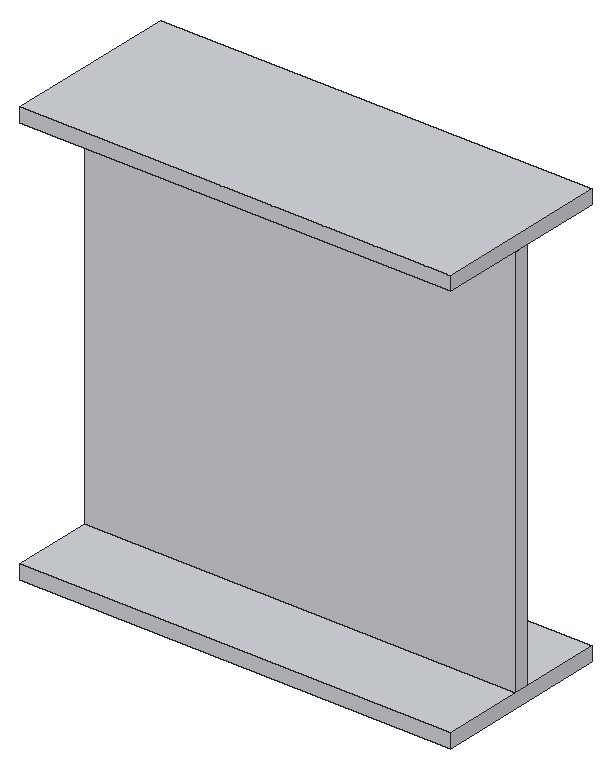
Revit family "StructuralFraming_FabricatedIProfile", category Structural Framing, Revit 2018
Family settings
  Section Shape = I-shape Welded
  Material for Model Behavior = Steel
  Always export as geometry = No
  Always vertical = Yes
  Cut with Voids When Loaded = No
  Symbolic Representation = From Project Settings
  Shared = No
  Show family pre-cut in plan views = Yes
Parameters (values of type "FabricatedIProfile")
  Structural Material [instance] = none
  Assembly Code = ""
  Length [instance] = 1500 mm
Reference planes
  plane 1 "Center (Front/Back)": y = 0
  plane 2: z = 0
  plane 3 "Center (Left/Right)": x = 4.61
  plane 4 "Member Left": x = -604.99
  plane 5 "Member Right": x = 614.21
  plane 6: y = 250
  plane 7: y = -250
  plane 8 "Top": z = 600
  plane 9: z = -600
  plane 10 "Left": x = -757.39
  plane 11 "Right": x = 742.61
  plane 12: y = -250
  plane 13: y = 250
  plane 14: z = 560
  plane 15: z = -560
  plane 16: y = 20
  plane 17: y = -20
Forms (mm)
  Sweep 1, solid, material <- "Structural Material", detail levels medium+fine
    path origin (0, 0, 0) x (1, 0, 0) y (0, 1, 0)
      loop
        line (614.21, 0) -> (-604.99, 0)
    profile origin (4.61, 0, 0) x (0, -1, 0) y (0, 0, 1)
      loop
        line (20, -560) -> (20, 560) -> (-20, 560) -> (-20, -560) -> (20, -560)
  Sweep 2, solid, material <- "Structural Material", detail levels medium+fine
    path origin (0, 0, 0) x (1, 0, 0) y (0, 1, 0)
      loop
        line (-604.99, 0) -> (614.21, 0)
    profile origin (4.61, 0, 0) x (0, 1, 0) y (0, 0, 1)
      loop
        line (250, -560) -> (-250, -560) -> (-250, -600) -> (250, -600) -> (250, -560)
  Sweep 3, solid, material <- "Structural Material", detail levels medium+fine
    path origin (0, 0, 0) x (1, 0, 0) y (0, 1, 0)
      loop
        line (-604.99, 0) -> (614.21, 0)
    profile origin (4.61, 0, 0) x (0, 1, 0) y (0, 0, 1)
      loop
        line (250, 600) -> (-250, 600) -> (-250, 560) -> (250, 560) -> (250, 600)
Lines and regions (mm)
  symbolic lines, style "Hidden Faces", detail levels medium+fine
    curve 1: line (614.21, -20, 0) -> (-604.99, -20, 0)
    curve 2: line (614.21, 20, 0) -> (-604.99, 20, 0)
  symbolic lines, style "Stick Symbols", detail levels coarse
    curve 3: line (4.61, 250, 600) -> (4.61, -250, 600)
    curve 4: line (4.61, -250, -600) -> (4.61, 250, -600)
    curve 5: line (4.61, 0, 600) -> (4.61, 0, -600)
Dimensions and locks
  "built-in parameter 1005532": plane 6 to plane 7
  "Height": plane 9 to plane 8 "Top"
  equal spacing: plane 9, plane 2, plane 8 "Top"
  equal spacing: plane 6, plane 1 "Center (Front/Back)", plane 7
  "Length": plane 10 "Left" to plane 11 "Right"
  plane 14 to plane 8 "Top" = 40 mm
  plane 15 to plane 9 = 40 mm
  equal spacing: plane 12, plane 1 "Center (Front/Back)", plane 13
  plane 12 to plane 13 = 500 mm
  equal spacing: plane 16, plane 1 "Center (Front/Back)", plane 17
  "Web Thickness": plane 16 to plane 17
  equal spacing: plane 13, plane 1 "Center (Front/Back)", plane 12
  "built-in parameter 1005531": plane 14 to plane 8 "Top"
  "built-in parameter 1005533": plane 15 to plane 9
  "built-in parameter 1005534": plane 13 to plane 12
  aligned and locked: Sweep 1 sketch curve to plane 1 "Center (Front/Back)"
  aligned and locked: plane 9 to curve 4
  aligned: Sweep 1 to plane 16
  aligned: Sweep 1 to plane 17
  aligned and locked: plane 13 to curve 4
  aligned and locked: plane 12 to curve 4
  aligned and locked: plane 8 "Top" to curve 3
  aligned and locked: plane 6 to curve 3
  aligned and locked: plane 7 to curve 3
  aligned and locked: plane 17 to Sweep 1 sketch curve
  aligned and locked: plane 15 to Sweep 1 sketch curve
  aligned and locked: plane 16 to Sweep 1 sketch curve
  aligned and locked: curve 5 to plane 1 "Center (Front/Back)"
  aligned and locked: plane 9 to curve 5
  aligned and locked: plane 8 "Top" to curve 5
  aligned and locked: Sweep 1 sketch curve to plane 14
  aligned and locked: curve 2 to Sweep 1
  aligned and locked: curve 1 to Sweep 1
  aligned and locked: plane 1 "Center (Front/Back)" to Sweep 2 sketch curve
  aligned and locked: plane 13 to Sweep 2 sketch curve
  aligned and locked: plane 15 to Sweep 2 sketch curve
  aligned and locked: plane 9 to Sweep 2 sketch curve
  aligned and locked: plane 12 to Sweep 2 sketch curve
  aligned and locked: plane 1 "Center (Front/Back)" to Sweep 3 sketch curve
  aligned and locked: plane 6 to Sweep 3 sketch curve
  aligned and locked: Sweep 3 sketch curve to plane 8 "Top"
  aligned and locked: plane 14 to Sweep 3 sketch curve
  aligned and locked: Sweep 3 sketch curve to plane 7
  aligned and locked: plane 2 to level
  aligned and locked: plane 4 "Member Left" to Sweep 1 sketch curve
  aligned and locked: plane 5 "Member Right" to Sweep 1 sketch curve
  aligned and locked: plane 4 "Member Left" to Sweep 2 sketch curve
  aligned and locked: plane 5 "Member Right" to Sweep 2 sketch curve
  aligned and locked: plane 4 "Member Left" to Sweep 3 sketch curve
  aligned and locked: plane 5 "Member Right" to Sweep 3 sketch curve
  aligned and locked: plane 4 "Member Left" to curve 1
  aligned and locked: plane 5 "Member Right" to curve 1
  aligned and locked: plane 4 "Member Left" to curve 2
  aligned and locked: plane 5 "Member Right" to curve 2
